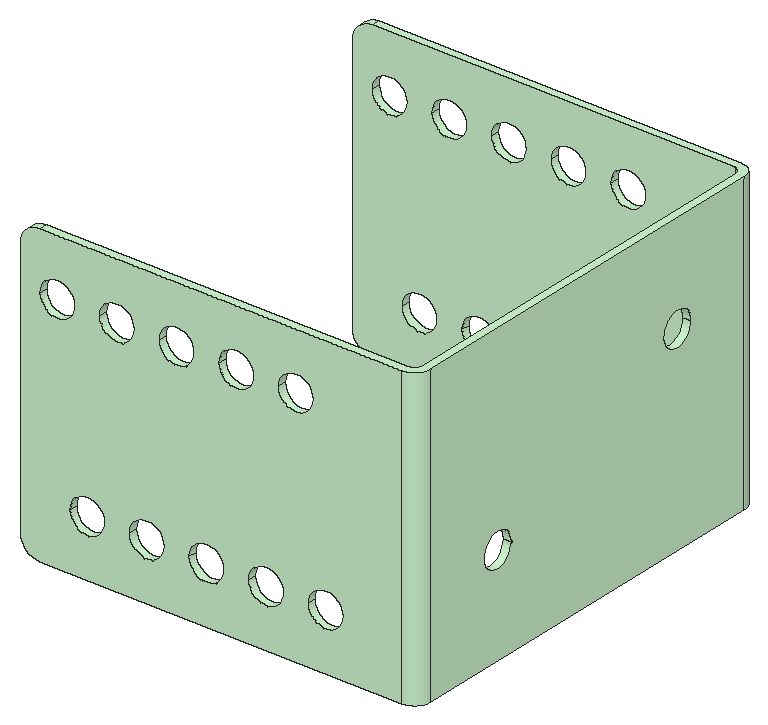
Revit family "sqadjuster", category 機械設備, Revit 2020
Family settings
  丸型コネクタ寸法 = 直径を使用
  種別 = なし
  パーツ タイプ = 標準
  作業面ベース = いいえ
  常に垂直 = はい
  ロード時にボイドで切り取り = いいえ
  共有 = いいえ
  部屋計算ポイント = いいえ
Parameters
  製造元 = "株式会社桐井製作所"
  既定の高さ = 0 mm
  URL = "https://www.kirii.co.jp/"
  K_材質 = "溶融亜鉛めっき鋼板"
  K_品名 = "新SQアジャスター"
  K_名称 = "SQ-BAR関連部材"
  K_バージョン情報 = "20210524"
Reference planes
  plane 1 "中心(正面/背面)": y = 0
  plane 2: z = 0
  plane 3 "中心(左/右)": x = 0
Forms (mm)
  Extrusion 1, solid
    sketch origin (0, 0, 0) x (1, 0, 0) y (0, 1, 0)
      loop
        line (-40, 20.5) -> (-1.6, 20.5)
        arc (-1.6, 20.5) -> (-1.034, 20.266) -> (-0.8, 19.7) r 0.8
        line (-0.8, 19.7) -> (-0.8, -19.7)
        arc (-0.8, -19.7) -> (-1.034, -20.266) -> (-1.6, -20.5) r 0.8
        line (-1.6, -20.5) -> (-40, -20.5) -> (-40, -21.3) -> (-1.6, -21.3)
        arc (-1.6, -21.3) -> (-0.469, -20.831) -> (0, -19.7) r 1.6
        line (0, -19.7) -> (0, 19.7)
        arc (0, 19.7) -> (-0.469, 20.831) -> (-1.6, 21.3) r 1.6
        line (-1.6, 21.3) -> (-40, 21.3) -> (-40, 20.5)
    from 0 to 30
  Extrusion 2, void
    sketch origin (0, 0, 0) x (1, 0, 0) y (0, 0, 1)
      loop
        circle (-36.25, 24.25) r 1.75
      loop
        circle (-30.25, 24.25) r 1.75
      loop
        circle (-24.25, 24.25) r 1.75
      loop
        circle (-18.25, 24.25) r 1.75
      loop
        circle (-12.25, 24.25) r 1.75
      loop
        circle (-33.25, 5.75) r 1.75
      loop
        circle (-27.25, 5.75) r 1.75
      loop
        circle (-21.25, 5.75) r 1.75
      loop
        circle (-15.25, 5.75) r 1.75
      loop
        circle (-9.25, 5.75) r 1.75
    from 20.5 to 21.3
  Extrusion 3, void
    sketch origin (0, 41.8, 0) x (1, 0, 0) y (0, 0, 1)
      loop
        circle (-36.25, 24.25) r 1.75
      loop
        circle (-30.25, 24.25) r 1.75
      loop
        circle (-24.25, 24.25) r 1.75
      loop
        circle (-18.25, 24.25) r 1.75
      loop
        circle (-12.25, 24.25) r 1.75
      loop
        circle (-33.25, 5.75) r 1.75
      loop
        circle (-27.25, 5.75) r 1.75
      loop
        circle (-21.25, 5.75) r 1.75
      loop
        circle (-15.25, 5.75) r 1.75
      loop
        circle (-9.25, 5.75) r 1.75
    from 20.5 to 21.3
  Extrusion 4, void
    sketch origin (0, 0, 0) x (1, 0, 0) y (0, 0, 1)
      loop
        line (-38, 30) -> (-40, 30) -> (-40, 28)
        arc (-40, 28) -> (-39.414, 29.414) -> (-38, 30) r 2
      loop
        line (-40, 2) -> (-40, 0) -> (-38, 0)
        arc (-38, 0) -> (-39.414, 0.586) -> (-40, 2) r 2
    from 20.5 to 21.3
  Extrusion 5, void
    sketch origin (0, 41.8, 0) x (1, 0, 0) y (0, 0, 1)
      loop
        line (-38, 30) -> (-40, 30) -> (-40, 28)
        arc (-40, 28) -> (-39.414, 29.414) -> (-38, 30) r 2
      loop
        line (-40, 2) -> (-40, 0) -> (-38, 0)
        arc (-38, 0) -> (-39.414, 0.586) -> (-40, 2) r 2
    from 20.5 to 21.3
  Extrusion 6, void
    sketch origin (0, 0, 0) x (0, 1, 0) y (0, 0, 1)
      loop
        circle (11.3, 20) r 1.75
      loop
        circle (-11.3, 10) r 1.75
    from -0.8 to 0
Cuts and joins
  Extrusion 2, Extrusion 3, Extrusion 4, Extrusion 5, Extrusion 6 cuts Extrusion 1
Dimensions and locks
  aligned and locked: level to plane 2
